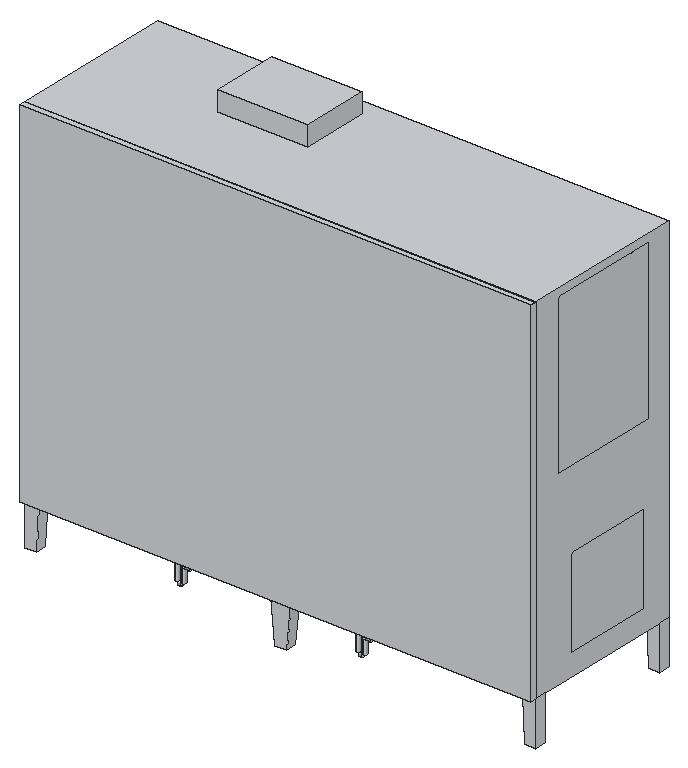
Revit family "AHU 6 _6", category Mechanické zařízení, Revit 2018
Family settings
  Kóta kulaté spojky = Použít průměr
  Typ dílu = Normální
  Číslo OmniClass = 23.75.00.00
  Nadpis OmniClass = Climate Control (HVAC)
  Založené na pracovní rovině = Ne
  Vždy vertikální = Ano
  Ořezat dutým tvarem při načtení = Ne
  Sdílené = Ne
  Bod výpočtu místnosti = Ne
Parameters (values of type "DUPLEXVENT 3500 Multi Eco")
  Width [instance] = 0.775 mm
  Weight [instance] = 370.00 kg
  URL = ""
  Type [instance] = "DUPLEXVENT 3500 Multi Eco"
  Total_SFP [instance] = 0
  Supply_outlet_hum [instance] = 90
  Supply_inlet_hum [instance] = 90
  Supply_ext_pressure [instance] = 0.0 Pa
  Supply_SFP [instance] = 0
  Source_adu_file [instance] = ""
  Recuperation_type [instance] = "Plate heat recovery exchanger"
  Recuperation_efficiency_EN308 [instance] = 0
  Project_name [instance] = ""
  Project_date [instance] = "10.8.2023"
  Power_supply_fusing [instance] = "0"
  Power_supply_cable [instance] = "0"
  Position [instance] = "AHU 6 "
  Phases_count [instance] = 3
  Panel_thickness [instance] = 0.06 mm
  Outer_surface [instance] = "RAL 9002"
  Length [instance] = 2.3 mm
  Insulation_type [instance] = "PUR"
  Insulation_thickness [instance] = 0.05 mm
  Installation_environment [instance] = ""
  Input_power_max [instance] = 5000 W
  Inner_surface [instance] = "Pozink"
  I2 [instance] = I1  # 0.0 L/s
  Height [instance] = 1.6 mm
  Exhaust_outlet_hum [instance] = 40
  Exhaust_inlet_hum [instance] = 40
  Exhaust_ext_pressure [instance] = 0.0 Pa
  Exhaust_SFP [instance] = 0
  E1 [instance] = E2 - M1  # 0.0 L/s
  E2 [instance] = 0.0 L/s
  I1 [instance] = 0.0 L/s
  Description = ""
  M1 [instance] = 0.0 L/s
  Device_dutypoint_version [instance] = "0"
  Device_design_version [instance] = "9"
  Device_adu_id [instance] = "6"
  Current_max [instance] = 7.6 A
  Casing_mat [instance] = "painted zinc layer"
  Cable type [instance] = "CYKY 5Jx2,5"
Reference planes
  plane 1 "Střed (vpředu/vzadu)": y = 0
  plane 2 "ref": z = 0
  plane 3 "Střed (vlevo/vpravo)": x = 0
Forms (mm)
  Sweep 1, solid
    path origin (0, 0, 0) x (0, 0, 1) y (1, 0, 0)
      loop
        line (0, 0) -> (1600, 0)
    profile origin (0, 0, 0) x (1, 0, 0) y (0, 1, 0)
      loop
        line (0, 0) -> (2300, 0) -> (2300, 745) -> (0, 745) -> (0, 0)
  Sweep 2, solid
    path origin (0, 0, 0) x (0, 0, 1) y (1, 0, 0)
      loop
        line (0, 0) -> (1600, 0)
    profile origin (0, 0, 0) x (1, 0, 0) y (0, 1, 0)
      loop
        line (0, 0) -> (0, -30) -> (2300, -30) -> (2300, 0) -> (0, 0)
  Sweep 3, solid
    path origin (1, 400, 300) x (0, 1, 0) y (-1, 0, 0)
      loop
        line (0, 0) -> (0, 1)
    profile origin (1, 400, 300) x (0, -1, 0) y (0, 0, 1)
      loop
        line (-200, -200) -> (200, -200) -> (200, 200) -> (-200, 200) -> (-200, -200)
  Sweep 4, solid
    path origin (2299, 375, 1210) x (1, 0, 0) y (0, 1, 0)
      loop
        line (0, 0) -> (1, 0)
    profile origin (2299, 375, 1210) x (0, 1, 0) y (0, 0, 1)
      loop
        line (-250, 355) -> (-250, -355) -> (250, -355) -> (250, 355) -> (-250, 355)
  Sweep 5, solid
    path origin (2299, 400, 300) x (1, 0, 0) y (0, 1, 0)
      loop
        line (0, 0) -> (1, 0)
    profile origin (2299, 400, 300) x (0, 1, 0) y (0, 0, 1)
      loop
        line (-200, 200) -> (-200, -200) -> (200, -200) -> (200, 200) -> (-200, 200)
  Sweep 6, solid
    path origin (1, 375, 1210) x (0, 1, 0) y (-1, 0, 0)
      loop
        line (0, 0) -> (0, 1)
    profile origin (1, 375, 1210) x (0, -1, 0) y (0, 0, 1)
      loop
        line (-250, -355) -> (250, -355) -> (250, 355) -> (-250, 355) -> (-250, -355)
  Sweep 7, solid
    path origin (1440, 75, 0) x (0, -1, 0) y (0, 0, 1)
      loop
        line (0, 0) -> (0, -142)
    profile origin (1440, 75, 0) x (-1, 0, 0) y (0, -1, 0)
      loop
        circle (0, 0) r 8
  Sweep 8, solid
    path origin (1448, 75, -150) x (0, 0, -1) y (1, 0, 0)
      loop
        line (0, 0) -> (0, 14)
    profile origin (1448, 75, -150) x (0, 0, 1) y (0, -1, 0)
      loop
        circle (0, 0) r 8
  Sweep 9, solid
    path origin (1470, 75, -142) x (0, -1, 0) y (0, 0, 1)
      loop
        line (0, 0) -> (0, 59)
    profile origin (1470, 75, -142) x (0, 1, 0) y (-1, 0, 0)
      loop
        circle (0, 0) r 8
  Sweep 10, solid
    path origin (1478, 75, -75) x (0, 0, -1) y (1, 0, 0)
      loop
        line (0, 0) -> (0, 22)
    profile origin (1478, 75, -75) x (0, 0, 1) y (0, -1, 0)
      loop
        circle (0, 0) r 8
  Sweep 11, solid
    path origin (625, 75, 0) x (0, -1, 0) y (0, 0, 1)
      loop
        line (0, 0) -> (0, -142)
    profile origin (625, 75, 0) x (-1, 0, 0) y (0, -1, 0)
      loop
        circle (0, 0) r 8
  Sweep 12, solid
    path origin (633, 75, -150) x (0, 0, -1) y (1, 0, 0)
      loop
        line (0, 0) -> (0, 14)
    profile origin (633, 75, -150) x (0, 0, 1) y (0, -1, 0)
      loop
        circle (0, 0) r 8
  Sweep 13, solid
    path origin (655, 75, -142) x (0, -1, 0) y (0, 0, 1)
      loop
        line (0, 0) -> (0, 59)
    profile origin (655, 75, -142) x (0, 1, 0) y (-1, 0, 0)
      loop
        circle (0, 0) r 8
  Sweep 14, solid
    path origin (663, 75, -75) x (0, 0, -1) y (1, 0, 0)
      loop
        line (0, 0) -> (0, 22)
    profile origin (663, 75, -75) x (0, 0, 1) y (0, -1, 0)
      loop
        circle (0, 0) r 8
  Sweep 15, solid
    path origin (0, 0, 0) x (0, 0, 1) y (1, 0, 0)
      loop
        line (0, 0) -> (1600, 0)
    profile origin (0, 0, 0) x (1, 0, 0) y (0, 1, 0)
      loop
        line (0, -30) -> (2300, -30) -> (2300, -5) -> (0, -5) -> (0, -30)
  Sweep 16, solid
    path origin (25, 50, 0) x (1, 0, 0) y (0, 1, 0)
      loop
        line (0, 0) -> (0, -50)
    profile origin (25, 50, 0) x (1, 0, 0) y (0, 0, 1)
      loop
        line (-25, 0) -> (-25, -200) -> (25, -200) -> (35, 0) -> (-25, 0)
  Sweep 17, solid
    path origin (2275, 50, 0) x (1, 0, 0) y (0, 1, 0)
      loop
        line (0, 0) -> (0, -50)
    profile origin (2275, 50, 0) x (1, 0, 0) y (0, 0, 1)
      loop
        line (-35, 0) -> (-25, -200) -> (25, -200) -> (25, 0) -> (-35, 0)
  Sweep 18, solid
    path origin (25, 745, 0) x (1, 0, 0) y (0, 1, 0)
      loop
        line (0, 0) -> (0, -50)
    profile origin (25, 745, 0) x (1, 0, 0) y (0, 0, 1)
      loop
        line (-25, 0) -> (-25, -200) -> (25, -200) -> (35, 0) -> (-25, 0)
  Sweep 19, solid
    path origin (2275, 745, 0) x (1, 0, 0) y (0, 1, 0)
      loop
        line (0, 0) -> (0, -50)
    profile origin (2275, 745, 0) x (1, 0, 0) y (0, 0, 1)
      loop
        line (-35, 0) -> (-25, -200) -> (25, -200) -> (25, 0) -> (-35, 0)
  Sweep 20, solid
    path origin (1150, 50, 0) x (1, 0, 0) y (0, 1, 0)
      loop
        line (0, 0) -> (0, -50)
    profile origin (1150, 50, 0) x (1, 0, 0) y (0, 0, 1)
      loop
        line (-45, 0) -> (-25, -200) -> (25, -200) -> (45, 0) -> (-45, 0)
  Sweep 21, solid
    path origin (1150, 745, 0) x (1, 0, 0) y (0, 1, 0)
      loop
        line (0, 0) -> (0, -50)
    profile origin (1150, 745, 0) x (1, 0, 0) y (0, 0, 1)
      loop
        line (-45, 0) -> (-25, -200) -> (25, -200) -> (45, 0) -> (-45, 0)
  Sweep 22, solid
    path origin (0, 0, 1600) x (0, 0, 1) y (1, 0, 0)
      loop
        line (0, 0) -> (90, 0)
    profile origin (0, 0, 1600) x (1, 0, 0) y (0, 1, 0)
      loop
        line (575, 363) -> (980, 363) -> (980, 668) -> (575, 668) -> (575, 363)
  Sweep 23, solid
    path origin (575, 515, 1645) x (0, 0, -1) y (1, 0, 0)
      loop
        line (0, 0) -> (0, -1)
    profile origin (575, 515, 1645) x (0, 0, -1) y (0, -1, 0)
      loop
        circle (0, 0) r 10
Lines and regions (mm)
  model lines, style "Symbol"
    curve 1: line (943, -30, 0) -> (943, -30, 320)
    curve 2: line (943, -30, 1600) -> (943, -30, 1280)
    curve 3: line (0, -30, 800) -> (463, -30, 800)
    curve 4: line (2300, -30, 800) -> (1423, -30, 800)
    curve 5: line (463, -30, 800) -> (703, -30, 1280)
    curve 6: line (703, -30, 1280) -> (1183, -30, 1280)
    curve 7: line (1183, -30, 1280) -> (1423, -30, 800)
    curve 8: line (1423, -30, 800) -> (1183, -30, 320)
    curve 9: line (1183, -30, 320) -> (943, -30, 320)
    curve 10: line (943, -30, 320) -> (703, -30, 320)
    curve 11: line (703, -30, 320) -> (463, -30, 800)
    curve 12: line (1948, -30, 1314) -> (2204, -30, 1270)
    curve 13: line (1948, -30, 1086) -> (2204, -30, 1130)
    curve 14: line (352, -30, 1086) -> (96, -30, 1130)
    curve 15: line (352, -30, 1314) -> (96, -30, 1270)
    curve 16: line (46, -30, 160) -> (46, -30, 640)
    curve 17: line (46, -30, 640) -> (184, -30, 640)
    curve 18: line (184, -30, 640) -> (184, -30, 160)
    curve 19: line (184, -30, 160) -> (46, -30, 160)
    curve 20: line (115, -30, 160) -> (184, -30, 400)
    curve 21: line (115, -30, 640) -> (184, -30, 400)
    curve 22: line (2254, -30, 640) -> (2254, -30, 160)
    curve 23: line (2254, -30, 160) -> (2116, -30, 160)
    curve 24: line (2116, -30, 160) -> (2116, -30, 640)
    curve 25: line (2116, -30, 640) -> (2254, -30, 640)
    curve 26: line (2185, -30, 640) -> (2116, -30, 400)
    curve 27: line (2185, -30, 160) -> (2116, -30, 400)
    curve 28: line (616, -30, 280) -> (398, -30, 708)
    curve 29: line (398, -30, 708) -> (470, -30, 744)
    curve 30: line (470, -30, 744) -> (688, -30, 316)
    curve 31: line (688, -30, 316) -> (616, -30, 280)
    curve 32: line (485, -30, 554) -> (513, -30, 641)
    curve 33: line (573, -30, 383) -> (601, -30, 470)
    curve 34: line (0, -1230, 0) -> (0, -30, 0)
    curve 35: line (2300, -1230, 0) -> (2300, -30, 0)
    curve 36: line (0, -1230, 0) -> (2300, -1230, 0)
    curve 37: line (0, -1230, 1600) -> (0, -30, 1600)
    curve 38: line (2300, -1230, 1600) -> (2300, -30, 1600)
    curve 39: line (0, -1230, 1600) -> (2300, -1230, 1600)
    curve 40: line (0, -1230, 0) -> (0, -1230, 1600)
    curve 41: line (2300, -1230, 0) -> (2300, -1230, 1600)
    curve 42: line (0, -1230, 1400) -> (200, -1230, 1600)
    curve 43: line (0, -1230, 1200) -> (400, -1230, 1600)
    curve 44: line (0, -1230, 1000) -> (600, -1230, 1600)
    curve 45: line (0, -1230, 800) -> (800, -1230, 1600)
    curve 46: line (0, -1230, 600) -> (1000, -1230, 1600)
    curve 47: line (0, -1230, 400) -> (1200, -1230, 1600)
    curve 48: line (0, -1230, 200) -> (1400, -1230, 1600)
    curve 49: line (0, -1230, 0) -> (1600, -1230, 1600)
    curve 50: line (200, -1230, 0) -> (1800, -1230, 1600)
    curve 51: line (400, -1230, 0) -> (2000, -1230, 1600)
    curve 52: line (600, -1230, 0) -> (2200, -1230, 1600)
    curve 53: line (800, -1230, 0) -> (2300, -1230, 1500)
    curve 54: line (1000, -1230, 0) -> (2300, -1230, 1300)
    curve 55: line (1200, -1230, 0) -> (2300, -1230, 1100)
    curve 56: line (1400, -1230, 0) -> (2300, -1230, 900)
    curve 57: line (1600, -1230, 0) -> (2300, -1230, 700)
    curve 58: line (1800, -1230, 0) -> (2300, -1230, 500)
    curve 59: line (2000, -1230, 0) -> (2300, -1230, 300)
    curve 60: line (2200, -1230, 0) -> (2300, -1230, 100)
    curve 61: line (2300, -1230, 1400) -> (2300, -1030, 1600)
    curve 62: line (2300, -1230, 1200) -> (2300, -830, 1600)
    curve 63: line (2300, -1230, 1000) -> (2300, -630, 1600)
    curve 64: line (2300, -1230, 800) -> (2300, -430, 1600)
    curve 65: line (2300, -1230, 600) -> (2300, -230, 1600)
    curve 66: line (2300, -1230, 400) -> (2300, -30, 1600)
    curve 67: line (2300, -1230, 200) -> (2300, -30, 1400)
    curve 68: line (2300, -1230, 0) -> (2300, -30, 1200)
    curve 69: line (2300, -1030, 0) -> (2300, -30, 1000)
    curve 70: line (2300, -830, 0) -> (2300, -30, 800)
    curve 71: line (2300, -630, 0) -> (2300, -30, 600)
    curve 72: line (2300, -430, 0) -> (2300, -30, 400)
    curve 73: line (2300, -230, 0) -> (2300, -30, 200)
    curve 74: line (0, -1030, 1600) -> (200, -1230, 1600)
    curve 75: line (0, -830, 1600) -> (400, -1230, 1600)
    curve 76: line (0, -630, 1600) -> (600, -1230, 1600)
    curve 77: line (0, -430, 1600) -> (800, -1230, 1600)
    curve 78: line (0, -230, 1600) -> (1000, -1230, 1600)
    curve 79: line (0, -30, 1600) -> (1200, -1230, 1600)
    curve 80: line (200, -30, 1600) -> (1400, -1230, 1600)
    curve 81: line (400, -30, 1600) -> (1600, -1230, 1600)
    curve 82: line (600, -30, 1600) -> (1800, -1230, 1600)
    curve 83: line (800, -30, 1600) -> (2000, -1230, 1600)
    curve 84: line (1000, -30, 1600) -> (2200, -1230, 1600)
    curve 85: line (1200, -30, 1600) -> (2300, -1130, 1600)
    curve 86: line (1400, -30, 1600) -> (2300, -930, 1600)
    curve 87: line (1600, -30, 1600) -> (2300, -730, 1600)
    curve 88: line (1800, -30, 1600) -> (2300, -530, 1600)
    curve 89: line (2000, -30, 1600) -> (2300, -330, 1600)
    curve 90: line (2200, -30, 1600) -> (2300, -130, 1600)
    curve 91: line (0, 0, 2320) -> (0, 0, 1600)
    curve 92: line (2300, 0, 2320) -> (2300, 0, 1600)
    curve 93: line (0, 0, 2320) -> (2300, 0, 2320)
    curve 94: line (0, 745, 2320) -> (0, 745, 1600)
    curve 95: line (2300, 745, 2320) -> (2300, 745, 1600)
    curve 96: line (0, 745, 2320) -> (2300, 745, 2320)
    curve 97: line (0, 0, 2320) -> (0, 745, 2320)
    curve 98: line (2300, 0, 2320) -> (2300, 745, 2320)
    curve 99: line (0, 545, 2320) -> (200, 745, 2320)
    curve 100: line (0, 345, 2320) -> (400, 745, 2320)
    curve 101: line (0, 145, 2320) -> (600, 745, 2320)
    curve 102: line (55, 0, 2320) -> (800, 745, 2320)
    curve 103: line (255, 0, 2320) -> (1000, 745, 2320)
    curve 104: line (455, 0, 2320) -> (1200, 745, 2320)
    curve 105: line (655, 0, 2320) -> (1400, 745, 2320)
    curve 106: line (855, 0, 2320) -> (1600, 745, 2320)
    curve 107: line (1055, 0, 2320) -> (1800, 745, 2320)
    curve 108: line (1255, 0, 2320) -> (2000, 745, 2320)
    curve 109: line (1455, 0, 2320) -> (2200, 745, 2320)
    curve 110: line (1655, 0, 2320) -> (2300, 645, 2320)
    curve 111: line (1855, 0, 2320) -> (2300, 445, 2320)
    curve 112: line (2055, 0, 2320) -> (2300, 245, 2320)
    curve 113: line (2255, 0, 2320) -> (2300, 45, 2320)
    curve 114: line (2300, 545, 2320) -> (2300, 745, 2120)
    curve 115: line (2300, 345, 2320) -> (2300, 745, 1920)
    curve 116: line (2300, 145, 2320) -> (2300, 745, 1720)
    curve 117: line (2300, 0, 2265) -> (2300, 665, 1600)
    curve 118: line (2300, 0, 2065) -> (2300, 465, 1600)
    curve 119: line (2300, 0, 1865) -> (2300, 265, 1600)
    curve 120: line (2300, 0, 1665) -> (2300, 65, 1600)
    curve 121: line (0, 745, 2120) -> (200, 745, 2320)
    curve 122: line (0, 745, 1920) -> (400, 745, 2320)
    curve 123: line (0, 745, 1720) -> (600, 745, 2320)
    curve 124: line (80, 745, 1600) -> (800, 745, 2320)
    curve 125: line (280, 745, 1600) -> (1000, 745, 2320)
    curve 126: line (480, 745, 1600) -> (1200, 745, 2320)
    curve 127: line (680, 745, 1600) -> (1400, 745, 2320)
    curve 128: line (880, 745, 1600) -> (1600, 745, 2320)
    curve 129: line (1080, 745, 1600) -> (1800, 745, 2320)
    curve 130: line (1280, 745, 1600) -> (2000, 745, 2320)
    curve 131: line (1480, 745, 1600) -> (2200, 745, 2320)
    curve 132: line (1680, 745, 1600) -> (2300, 745, 2220)
    curve 133: line (1880, 745, 1600) -> (2300, 745, 2020)
    curve 134: line (2080, 745, 1600) -> (2300, 745, 1820)
    curve 135: line (2280, 745, 1600) -> (2300, 745, 1620)
    curve 136: line (0, 745, -200) -> (0, 745, 0)
    curve 137: line (2300, 745, -200) -> (2300, 745, 0)
    curve 138: line (0, 745, -200) -> (2300, 745, -200)
    curve 139: line (0, 0, -200) -> (0, 0, 0)
    curve 140: line (2300, 0, -200) -> (2300, 0, 0)
    curve 141: line (0, 0, -200) -> (2300, 0, -200)
    curve 142: line (0, 745, -200) -> (0, 0, -200)
    curve 143: line (2300, 745, -200) -> (2300, 0, -200)
    curve 144: line (0, 200, -200) -> (200, 0, -200)
    curve 145: line (0, 400, -200) -> (400, 0, -200)
    curve 146: line (0, 600, -200) -> (600, 0, -200)
    curve 147: line (55, 745, -200) -> (800, 0, -200)
    curve 148: line (255, 745, -200) -> (1000, 0, -200)
    curve 149: line (455, 745, -200) -> (1200, 0, -200)
    curve 150: line (655, 745, -200) -> (1400, 0, -200)
    curve 151: line (855, 745, -200) -> (1600, 0, -200)
    curve 152: line (1055, 745, -200) -> (1800, 0, -200)
    curve 153: line (1255, 745, -200) -> (2000, 0, -200)
    curve 154: line (1455, 745, -200) -> (2200, 0, -200)
    curve 155: line (1655, 745, -200) -> (2300, 100, -200)
    curve 156: line (1855, 745, -200) -> (2300, 300, -200)
    curve 157: line (2055, 745, -200) -> (2300, 500, -200)
    curve 158: line (2255, 745, -200) -> (2300, 700, -200)
    curve 159: line (2300, 200, -200) -> (2300, 0, 0)
    curve 160: line (2300, 400, -200) -> (2300, 200, 0)
    curve 161: line (2300, 600, -200) -> (2300, 400, 0)
    curve 162: line (2300, 745, -145) -> (2300, 600, 0)
    curve 163: line (0, 0, 0) -> (200, 0, -200)
    curve 164: line (200, 0, 0) -> (400, 0, -200)
    curve 165: line (400, 0, 0) -> (600, 0, -200)
    curve 166: line (600, 0, 0) -> (800, 0, -200)
    curve 167: line (800, 0, 0) -> (1000, 0, -200)
    curve 168: line (1000, 0, 0) -> (1200, 0, -200)
    curve 169: line (1200, 0, 0) -> (1400, 0, -200)
    curve 170: line (1400, 0, 0) -> (1600, 0, -200)
    curve 171: line (1600, 0, 0) -> (1800, 0, -200)
    curve 172: line (1800, 0, 0) -> (2000, 0, -200)
    curve 173: line (2000, 0, 0) -> (2200, 0, -200)
    curve 174: line (2200, 0, 0) -> (2300, 0, -100)
    curve 175: line (0, -30, 0) -> (0, -30, 1600)
    curve 176: line (0, -30, 1600) -> (920, -30, 1600)
    curve 177: line (920, -30, 1600) -> (920, -30, 0)
    curve 178: line (920, -30, 0) -> (0, -30, 0)
    curve 179: line (1180, -30, 0) -> (1180, -30, 1600)
    curve 180: line (1180, -30, 1600) -> (2300, -30, 1600)
    curve 181: line (2300, -30, 1600) -> (2300, -30, 0)
    curve 182: line (2300, -30, 0) -> (1180, -30, 0)
    curve 183: line (0, -30, 0) -> (2300, -30, 0)
    curve 184: line (0, -30, 1600) -> (2300, -30, 1600)
    curve 185: line (0, -30, 0) -> (0, -30, 1600)
    curve 186: line (2300, -30, 0) -> (2300, -30, 1600)
    curve 187: line (0, -30, 0) -> (0, -5, 0)
    curve 188: line (2300, -30, 0) -> (2300, -5, 0)
    curve 189: line (0, -30, 1600) -> (0, -5, 1600)
    curve 190: line (2300, -30, 1600) -> (2300, -5, 1600)
    curve 191: circle (2060, -30, 1200) r 160 normal (0, -1, 0)
    curve 192: circle (240, -30, 1200) r 160 normal (0, -1, 0)
    curve 193: circle (499, -30, 598) r 12 normal (0, -1, 0)
    curve 194: circle (587, -30, 426) r 12 normal (0, -1, 0)
    curve 195: circle (1440, 75, 0) r 8 normal (0, 0, -1)
    curve 196: circle (1440, 75, -142) r 8 normal (0, 0, -1)
    curve 197: circle (625, 75, 0) r 8 normal (0, 0, -1)
    curve 198: circle (625, 75, -142) r 8 normal (0, 0, -1)
Dimensions and locks
  aligned and locked: level to plane 2 "ref"
Connectors
  hvac at (0, 400, 300), driven by "E1"
    settings: on Sweep 3, index 1, duct flow 0.0 L/s, flow factor 0, pres drop 0.0 Pa, loss coef 0, conn angle 0.00°, conn width 400 mm, conn height 400 mm, conn diameter 609.6 mm, duct sys type 1, conn prof type 1, flow config 1, flow direction 1, loss method 0, conn ref index -1, conn util no, is conn primary yes, conn desc ""
  hvac at (2300, 375, 1210), driven by "E2"
    settings: on Sweep 4, index 2, duct flow 0.0 L/s, flow factor 1, pres drop 0.0 Pa, loss coef 0, conn angle 0.00°, conn width 500 mm, conn height 710 mm, conn diameter 609.6 mm, duct sys type 1, conn prof type 1, flow config 2, flow direction 2, loss method 0, conn ref index -1, conn util no, is conn primary no, conn desc ""
  hvac at (2300, 400, 300), driven by "I1"
    settings: on Sweep 5, index 3, duct flow 0.0 L/s, flow factor 1, pres drop 0.0 Pa, loss coef 0, conn angle 0.00°, conn width 400 mm, conn height 400 mm, conn diameter 609.6 mm, duct sys type 3, conn prof type 1, flow config 2, flow direction 1, loss method 0, conn ref index -1, conn util no, is conn primary no, conn desc ""
  hvac at (0, 375, 1210), driven by "I2"
    settings: on Sweep 6, index 4, duct flow 0.0 L/s, flow factor 0, pres drop 0.0 Pa, loss coef 0, conn angle 0.00°, conn width 500 mm, conn height 710 mm, conn diameter 609.6 mm, duct sys type 3, conn prof type 1, flow config 1, flow direction 2, loss method 0, conn ref index -1, conn util no, is conn primary no, conn desc ""
  piping at (1500, 75, -75), diameter 40
    settings: on Sweep 10, index 5, connector inside diameter 609.6 mm, connector length 0 mm, flow factor 0, pipe flow 0.0 L/s, pressure drop 0.0 Pa, fitting loss kfactor 0, connector angle 0.00°, fixture units 0, engagement length 0 mm, angle of deflection 0.00°, flow configuration 1, flow direction 2, fitting loss method 0, system type 16, joint type 0, gender type 0, connector reference index -1, connector utility 0, adjustable connector no, is connector primary yes, connector description ""
  piping at (685, 75, -75), diameter 40
    settings: on Sweep 14, index 6, connector inside diameter 609.6 mm, connector length 0 mm, flow factor 0, pipe flow 0.0 L/s, pressure drop 0.0 Pa, fitting loss kfactor 0, connector angle 0.00°, fixture units 0, engagement length 0 mm, angle of deflection 0.00°, flow configuration 1, flow direction 2, fitting loss method 0, system type 16, joint type 0, gender type 0, connector reference index -1, connector utility 0, adjustable connector no, is connector primary no, connector description ""
  electrical at (574, 515, 1645)
    settings: on Sweep 23, index 7, voltage 400 V, apparent load 0 VA, apparent load phase1 0 VA, apparent load phase2 0 VA, apparent load phase3 0 VA, power factor 1, load classification "Další", number of poles 3, system type 31, power factor state 1, is connector primary yes, connector utility no, sub classification motor no, connector description ""
